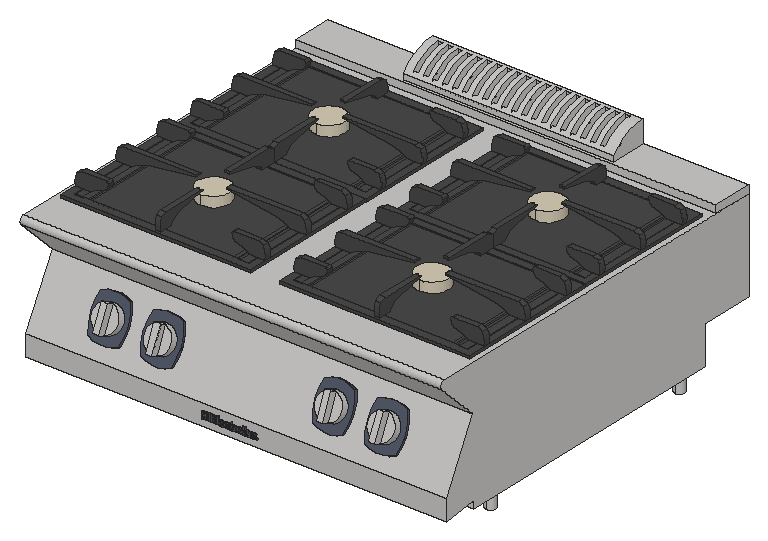
Revit family "QF_ELECTROLUXPROFESSIONAL_371167_E7GCGH4C0A", category Specialty Equipment, Revit 2018
Family settings
  Round Connector Dimension = Use Diameter
  Part Type = Normal
  Work Plane-Based = No
  Always vertical = Yes
  Cut with Voids When Loaded = No
  Shared = No
  Room Calculation Point = No
Parameters (values of type "Standard")
  Weight = 38.00 kg
  Watts = 0 W
  Volts = 0 V
  URL Manufacturer = "http://professional.electrolux.com"
  URL = "http://professional.electrolux.com"
  Steam Supply Size = 0"
  Steam Supply Minimum Pressure = 0.00 psi
  Steam Supply Maximum Pressure = 0.00 psi
  Steam Pounds per Hour = 0
  Show Logo [instance] = yes
  Show Clearance [instance] = yes
  Refrigeration Suction Line Size = 0 mm
  Refrigeration Liquid Line Size = 0 mm
  Refrigerant Compressor Remote = yes
  Phase = 0
  Model = "E7GCGH4C0A"
  Manufacturer = "Electrolux Professional"
  Length Actual = 800 mm  # constant formula
  Item Number = "371167"
  Hot Water Size = 0"
  Height Actual = 250 mm  # constant formula
  HP = "0 HP"
  Gas Size = 1/2"
  Gas KW = 22
  Gas Input Pressure = 0.738606 Btu/h
  Direct Waste Size = 0"
  Description = "4-BURNER GAS BOILING TOP 800 MM (AGA)"
  Depth Actual = 730 mm  # constant formula
  Cycle = 0 Hz
  Condensate Return Size = 0"
  Compressed Air Volume = 0 GPM
  Compressed Air Size = 0"
  Compressed Air Pressure = 0.00 psi
  Cold Water Size = 0"
  Assembly Code = ""
  Accessory = yes
Reference planes
  plane 1 "BACK": y = 0
  plane 2: z = 0
  plane 3 "LEFT": x = 0
  plane 4 "RIGHT": x = 800
  plane 5 "FRONT": y = -730
  plane 6 "TOP": z = 303.188
  plane 7 "Center Y": x = 400
  plane 8 "Center X": y = -365
  plane 9 "Base Height": z = 23.813
  plane 10: z = 274.613
  plane 11: z = 331.787
Forms (mm)
  Extrusion 1, solid, material "QF_Finishes_Stainless Steel"
    sketch origin (0, 0, 0) x (0, 1, 0) y (0, 0, 1)
      loop
        line (0, 98.425) -> (0, 274.612) -> (-721.5, 274.612)
        arc (-721.5, 274.612) -> (-729.472, 269.285) -> (-727.602, 259.881) r 8.63
        line (-727.602, 259.881) -> (-654.039, 186.318) -> (-715.962, 68.584) -> (-715.962, 30.162) -> (-655.839, 38.612)
        arc (-655.839, 38.612) -> (-653.314, 37.864) -> (-652.222, 35.468) r 3.175
        line (-652.222, 35.468) -> (-652.222, 23.813) -> (-103.188, 23.813) -> (-103.188, 98.425) -> (0, 98.425)
    from 0 to 800
  Extrusion 2, solid, material "QF_Finishes_Stainless Steel"
    sketch origin (0, 0, 0) x (0, 1, 0) y (0, 0, 1)
      loop
        line (0, 274.612) -> (0, 288.9) -> (-76.2, 288.9) -> (-76.2, 274.612) -> (0, 274.612)
    from 0 to 800
  Extrusion 3, solid, material "QF_Finishes_Stainless Steel"
    sketch origin (0, 0, 0) x (1, 0, 0) y (0, 1, 0)
      loop
        circle (11.112, -149.225) r 9.525
      loop
        circle (788.888, -149.225) r 9.525
      loop
        circle (11.112, -598.488) r 9.525
      loop
        circle (788.888, -598.488) r 9.525
    from 0 to 23.812
  Extrusion 4, solid, material "QF_Finishes_Stainless Steel"
    sketch origin (0, -103.188, 23.813) x (0, 0, 1) y (1, 0, 0)
      loop
        circle (36.513, 400) r 6.35
    from 0 to 26.988
  Extrusion 5, solid, material "QF_Finishes_Navy Blue", visible <- "Show Logo"
    sketch origin (47.249, -715.962, 35.665) x (0, 0, 1) y (-1, 0, 0)
      loop
        line (20.674, -296.698) -> (8.307, -296.698)
        arc (8.307, -296.698) -> (14.491, -301.27) -> (20.674, -296.698) r 6.467
      loop
        arc (20.674, -296.069) -> (19.505, -290.926) -> (14.849, -288.448) r 6.338
        line (14.849, -288.448) -> (14.849, -290.494)
        arc (14.849, -290.494) -> (16.333, -294.149) -> (19.778, -296.069) r 5.941
        line (19.778, -296.069) -> (20.674, -296.069)
      loop
        arc (9.203, -296.069) -> (12.648, -294.149) -> (14.132, -290.494) r 5.941
        line (14.132, -290.494) -> (14.132, -288.448)
        arc (14.132, -288.448) -> (9.438, -290.922) -> (8.148, -296.069) r 6.504
        line (8.148, -296.069) -> (9.203, -296.069)
      loop
        line (21.349, -287.979) -> (7.604, -287.979) -> (7.604, -301.742) -> (21.349, -301.742) -> (21.349, -287.979)
      loop
        arc (21.432, -304.71) -> (21.085, -304.352) -> (20.718, -304.69) r 0.358
        arc (20.718, -304.69) -> (20.404, -305.44) -> (19.687, -305.825) r 1.216
        line (19.687, -305.825) -> (9.274, -305.825)
        arc (9.274, -305.825) -> (8.614, -305.548) -> (8.218, -304.951) r 1.238
        arc (8.218, -304.951) -> (7.823, -304.7) -> (7.518, -305.054) r 0.358
        line (7.518, -305.054) -> (7.518, -314.933) -> (10.269, -314.933) -> (10.269, -314.036)
        arc (10.269, -314.036) -> (9.36, -313.456) -> (8.904, -312.479) r 1.928
        line (8.904, -312.479) -> (8.904, -309.98)
        arc (8.904, -309.98) -> (9.18, -309.251) -> (9.868, -308.887) r 1.101
        line (9.868, -308.887) -> (13.955, -308.887) -> (13.955, -312.561)
        arc (13.955, -312.561) -> (13.602, -313.058) -> (13.037, -313.286) r 1.083
        arc (13.037, -313.286) -> (12.773, -313.591) -> (13.065, -313.869) r 0.292
        line (13.065, -313.869) -> (16.028, -313.869)
        arc (16.028, -313.869) -> (16.33, -313.596) -> (16.092, -313.266) r 0.305
        arc (16.092, -313.266) -> (15.601, -313.018) -> (15.296, -312.561) r 1.083
        line (15.296, -312.561) -> (15.296, -308.887) -> (19.973, -308.887) -> (19.973, -312.635)
        arc (19.973, -312.635) -> (19.759, -313.39) -> (19.153, -313.888) r 1.314
        arc (19.153, -313.888) -> (18.934, -314.292) -> (19.288, -314.585) r 0.361
        line (19.288, -314.585) -> (21.432, -314.585) -> (21.432, -304.71)
      loop
        arc (20.715, -315.365) -> (20.335, -316.284) -> (19.416, -316.664) r 1.299
        line (19.416, -316.664) -> (9.837, -316.664)
        arc (9.837, -316.664) -> (8.999, -316.286) -> (8.728, -315.408) r 1.118
        line (8.728, -315.408) -> (7.518, -315.408) -> (7.518, -320.758) -> (8.706, -320.758)
        arc (8.706, -320.758) -> (8.978, -319.841) -> (9.848, -319.445) r 1.153
        line (9.848, -319.445) -> (21.92, -319.445) -> (20.715, -315.365)
      loop
        line (12.483, -323.394) -> (12.483, -329.842) -> (13.282, -329.842)
        arc (13.282, -329.842) -> (15.862, -328.857) -> (17.131, -326.404) r 3.874
        line (17.131, -326.404) -> (17.131, -324.643)
        arc (17.131, -324.643) -> (15.944, -321.778) -> (13.08, -320.592) r 4.051
        line (13.08, -320.592) -> (11.072, -320.592)
        arc (11.072, -320.592) -> (8.253, -322.077) -> (7.202, -325.084) r 4.352
        arc (7.202, -325.084) -> (7.566, -327.547) -> (8.943, -329.621) r 5.713
        line (8.943, -329.621) -> (9.892, -329.621)
        arc (9.892, -329.621) -> (9.16, -328.052) -> (8.943, -326.334) r 5.579
        arc (8.943, -326.334) -> (9.737, -324.371) -> (11.616, -323.394) r 3.057
        line (11.616, -323.394) -> (12.483, -323.394)
      loop
        line (13.742, -323.394) -> (13.742, -326.977)
        arc (13.742, -326.977) -> (15.199, -327.024) -> (16.082, -325.864) r 1.59
        line (16.082, -325.864) -> (16.082, -325.034)
        arc (16.082, -325.034) -> (15.217, -323.779) -> (13.742, -323.394) r 2.184
      loop
        arc (16.533, -339.259) -> (17.022, -337.585) -> (17.179, -335.848) r 9.023
        line (17.179, -335.848) -> (17.179, -334.486)
        arc (17.179, -334.486) -> (16.02, -331.686) -> (13.22, -330.527) r 3.959
        line (13.22, -330.527) -> (10.62, -330.527)
        arc (10.62, -330.527) -> (8.338, -331.819) -> (7.221, -334.192) r 4.331
        line (7.221, -334.192) -> (7.221, -336.327)
        arc (7.221, -336.327) -> (7.729, -337.877) -> (8.651, -339.223) r 5.772
        arc (8.651, -339.223) -> (9.412, -339.274) -> (9.499, -338.515) r 0.553
        arc (9.499, -338.515) -> (9.111, -337.781) -> (8.977, -336.962) r 2.573
        line (8.977, -336.962) -> (8.977, -335.447)
        arc (8.977, -335.447) -> (9.983, -333.806) -> (11.798, -333.163) r 2.884
        line (11.798, -333.163) -> (13.077, -333.163)
        arc (13.077, -333.163) -> (14.898, -333.723) -> (15.824, -335.388) r 2.554
        line (15.824, -335.388) -> (15.824, -336.441)
        arc (15.824, -336.441) -> (15.493, -337.369) -> (14.836, -338.104) r 2.564
        arc (14.836, -338.104) -> (14.614, -338.821) -> (15.223, -339.259) r 0.643
        line (15.223, -339.259) -> (16.533, -339.259)
      loop
        line (15.515, -339.53) -> (15.515, -341.031) -> (9.467, -341.031)
        arc (9.467, -341.031) -> (7.879, -341.688) -> (7.221, -343.276) r 2.246
        line (7.221, -343.276) -> (7.221, -344.86)
        arc (7.221, -344.86) -> (7.535, -345.725) -> (8.035, -346.496) r 4.06
        arc (8.035, -346.496) -> (8.768, -346.629) -> (9.019, -345.928) r 0.576
        arc (9.019, -345.928) -> (8.913, -345.403) -> (8.977, -344.87) r 1.69
        arc (8.977, -344.87) -> (9.519, -344.082) -> (10.425, -343.779) r 1.506
        line (10.425, -343.779) -> (15.563, -343.779) -> (15.563, -346.176) -> (16.119, -346.733) -> (16.941, -346.733) -> (16.941, -343.873) -> (20.172, -343.873) -> (15.515, -339.53)
      loop
        line (7.438, -347.63) -> (7.438, -353.017) -> (8.548, -353.017)
        arc (8.548, -353.017) -> (8.942, -352.066) -> (9.893, -351.672) r 1.345
        line (9.893, -351.672) -> (13.509, -351.672)
        arc (13.509, -351.672) -> (14.274, -352.264) -> (14.564, -353.186) r 1.615
        line (14.564, -353.186) -> (14.564, -354.742) -> (17.119, -355.427) -> (17.119, -354.044) -> (15.177, -351.485) -> (17.057, -351.485) -> (16.773, -348.779)
        arc (16.773, -348.779) -> (16.333, -348.249) -> (15.674, -348.45) r 0.621
        arc (15.674, -348.45) -> (15.274, -348.792) -> (14.78, -348.975) r 1.501
        line (14.78, -348.975) -> (9.893, -348.975)
        arc (9.893, -348.975) -> (8.942, -348.581) -> (8.548, -347.63) r 1.345
        line (8.548, -347.63) -> (7.438, -347.63)
      loop
        line (13.54, -354.964) -> (10.848, -354.964)
        arc (10.848, -354.964) -> (8.403, -356.272) -> (7.269, -358.803) r 4.288
        arc (7.269, -358.803) -> (7.205, -360.183) -> (7.269, -361.563) r 15.022
        arc (7.269, -361.563) -> (8.403, -364.094) -> (10.848, -365.401) r 4.288
        line (10.848, -365.401) -> (13.54, -365.401)
        arc (13.54, -365.401) -> (15.986, -364.094) -> (17.119, -361.563) r 4.288
        arc (17.119, -361.563) -> (17.183, -360.183) -> (17.119, -358.803) r 15.022
        arc (17.119, -358.803) -> (15.986, -356.272) -> (13.54, -354.964) r 4.288
      loop
        line (13.745, -358.078) -> (10.643, -358.078)
        arc (10.643, -358.078) -> (8.486, -360.235) -> (10.643, -362.392) r 2.157
        line (10.643, -362.392) -> (13.745, -362.392)
        arc (13.745, -362.392) -> (15.902, -360.235) -> (13.745, -358.078) r 2.157
      loop
        arc (20.726, -365.26) -> (20.355, -366.154) -> (19.461, -366.524) r 1.264
        line (19.461, -366.524) -> (9.597, -366.524)
        arc (9.597, -366.524) -> (8.727, -366.127) -> (8.455, -365.211) r 1.153
        line (8.455, -365.211) -> (7.518, -365.211) -> (7.518, -370.319) -> (8.446, -370.319)
        arc (8.446, -370.319) -> (8.805, -369.547) -> (9.597, -369.232) r 1.153
        line (9.597, -369.232) -> (21.92, -369.232) -> (20.726, -365.26)
      loop
        arc (15.846, -369.857) -> (15.647, -370.921) -> (14.678, -371.403) r 1.215
        line (14.678, -371.403) -> (9.658, -371.403)
        arc (9.658, -371.403) -> (8.043, -372.051) -> (7.322, -373.634) r 2.338
        line (7.322, -373.634) -> (7.322, -375.148)
        arc (7.322, -375.148) -> (7.497, -376.152) -> (7.999, -377.038) r 2.979
        line (7.999, -377.038) -> (7.518, -378.835) -> (7.518, -380.524) -> (16.943, -380.524) -> (16.649, -376.32) -> (15.863, -376.32)
        arc (15.863, -376.32) -> (15.507, -377.156) -> (14.755, -377.665) r 1.605
        line (14.755, -377.665) -> (9.652, -377.665)
        arc (9.652, -377.665) -> (9.232, -376.728) -> (9.159, -375.704) r 2.94
        arc (9.159, -375.704) -> (9.72, -374.603) -> (10.873, -374.16) r 1.724
        line (10.873, -374.16) -> (17.07, -374.16) -> (15.846, -369.857)
      loop
        line (16.874, -381.377) -> (15.202, -383.423) -> (12.028, -385.729) -> (8.572, -382.617)
        arc (8.572, -382.617) -> (8.335, -382.223) -> (8.357, -381.764) r 0.789
        line (8.357, -381.764) -> (7.518, -381.764) -> (7.518, -385.309) -> (8.344, -385.309)
        arc (8.344, -385.309) -> (8.686, -384.947) -> (9.176, -385.039) r 0.52
        line (9.176, -385.039) -> (10.976, -386.51) -> (8.858, -387.886)
        arc (8.858, -387.886) -> (8.457, -387.576) -> (8.37, -387.076) r 0.7
        line (8.37, -387.076) -> (7.518, -387.076) -> (7.518, -393.003) -> (8.405, -393.003)
        arc (8.405, -393.003) -> (8.472, -392.344) -> (8.866, -391.813) r 1.247
        line (8.866, -391.813) -> (13.066, -388.532) -> (15.513, -390.585) -> (16.874, -392.327) -> (16.874, -388.604) -> (15.389, -389.026) -> (13.868, -387.749) -> (15.568, -386.559) -> (16.874, -387.336) -> (16.874, -381.377)
    from 0 to 1.644
  Extrusion 6, solid, material "QF_Finishes_Clearance", visible <- "Show Clearance", detail levels coarse
    sketch origin (0, 0, 0) x (1, 0, 0) y (0, 1, 0)
      loop
        line (0, -730) -> (0, 0) -> (800, 0) -> (800, -730) -> (950, -730) -> (950, 150) -> (-150, 150) -> (-150, -730) -> (0, -730)
    from 0 to 331.787
  Extrusion 7, solid, material "QF_Finishes_Navy Blue"
    sketch origin (-402.256, -713.772, 69.003) x (0, 0.418102, 0.9084) y (-1, 0, 0)
      loop
        arc (102.623, -510.47) -> (67.041, -502.846) -> (31.333, -509.853) r 90.5
        arc (31.333, -509.853) -> (24.507, -539.04) -> (31.333, -568.228) r 65.817
        arc (31.333, -568.228) -> (67.04, -575.188) -> (102.623, -567.615) r 91.066
        arc (102.623, -567.615) -> (109.179, -539.043) -> (102.623, -510.47) r 65.546
    from 0 to 3.175
  Extrusion 8, solid, material "QF_Finishes_Stainless Steel"
    sketch origin (-23.506, -717.485, 68.529) x (0, 0.418102, 0.9084) y (-1, 0, 0)
      loop
        circle (68.826, -160.963) r 25.4
    from 0 to 12.7
  Extrusion 9, solid, material "QF_Finishes_Stainless Steel"
    sketch origin (-23.506, -729.022, 73.839) x (0, 0.418102, 0.9084) y (-1, 0, 0)
      loop
        arc (93.558, -166.749) -> (94.226, -160.963) -> (93.558, -155.177) r 25.4
        line (93.558, -155.177) -> (44.094, -155.177)
        arc (44.094, -155.177) -> (43.426, -160.963) -> (44.094, -166.749) r 25.4
        line (44.094, -166.749) -> (93.558, -166.749)
    from 0 to 12.7
  Extrusion 10, solid, material "QF_Finishes_Navy Blue"
    sketch origin (-302.256, -713.772, 69.003) x (0, 0.418102, 0.9084) y (-1, 0, 0)
      loop
        arc (102.623, -510.47) -> (67.041, -502.846) -> (31.333, -509.853) r 90.5
        arc (31.333, -509.853) -> (24.507, -539.04) -> (31.333, -568.228) r 65.817
        arc (31.333, -568.228) -> (67.04, -575.188) -> (102.623, -567.615) r 91.066
        arc (102.623, -567.615) -> (109.179, -539.043) -> (102.623, -510.47) r 65.546
    from 0 to 3.175
  Extrusion 11, solid, material "QF_Finishes_Stainless Steel"
    sketch origin (76.494, -717.485, 68.529) x (0, 0.418102, 0.9084) y (-1, 0, 0)
      loop
        circle (68.826, -160.963) r 25.4
    from 0 to 12.7
  Extrusion 12, solid, material "QF_Finishes_Stainless Steel"
    sketch origin (76.494, -729.022, 73.839) x (0, 0.418102, 0.9084) y (-1, 0, 0)
      loop
        arc (93.558, -166.749) -> (94.226, -160.963) -> (93.558, -155.177) r 25.4
        line (93.558, -155.177) -> (44.094, -155.177)
        arc (44.094, -155.177) -> (43.426, -160.963) -> (44.094, -166.749) r 25.4
        line (44.094, -166.749) -> (93.558, -166.749)
    from 0 to 12.7
  Extrusion 13, void
    sketch origin (234.989, 0, 288.925) x (-1, 0, 0) y (0, -1, 0)
      loop
        line (-335.017, 6.761) -> (-335.017, 63.911) -> (-344.313, 63.911) -> (-344.313, 6.761) -> (-335.017, 6.761)
      loop
        line (-316.325, 6.761) -> (-316.325, 63.911) -> (-325.62, 63.911) -> (-325.62, 6.761) -> (-316.325, 6.761)
      loop
        line (-297.632, 6.761) -> (-297.632, 63.911) -> (-306.928, 63.911) -> (-306.928, 6.761) -> (-297.632, 6.761)
      loop
        line (-278.94, 6.761) -> (-278.94, 63.911) -> (-288.235, 63.911) -> (-288.235, 6.761) -> (-278.94, 6.761)
      loop
        line (-260.247, 6.761) -> (-260.247, 63.911) -> (-269.543, 63.911) -> (-269.543, 6.761) -> (-260.247, 6.761)
      loop
        line (-241.554, 6.761) -> (-241.554, 63.911) -> (-250.85, 63.911) -> (-250.85, 6.761) -> (-241.554, 6.761)
      loop
        line (-222.862, 6.761) -> (-222.862, 63.911) -> (-232.157, 63.911) -> (-232.157, 6.761) -> (-222.862, 6.761)
      loop
        line (-204.169, 6.761) -> (-204.169, 63.911) -> (-213.465, 63.911) -> (-213.465, 6.761) -> (-204.169, 6.761)
      loop
        line (-185.476, 6.761) -> (-185.476, 63.911) -> (-194.772, 63.911) -> (-194.772, 6.761) -> (-185.476, 6.761)
      loop
        line (-166.784, 6.761) -> (-166.784, 63.911) -> (-176.08, 63.911) -> (-176.08, 6.761) -> (-166.784, 6.761)
      loop
        line (-148.091, 6.761) -> (-148.091, 63.911) -> (-157.387, 63.911) -> (-157.387, 6.761) -> (-148.091, 6.761)
      loop
        line (-129.399, 6.761) -> (-129.399, 63.911) -> (-138.694, 63.911) -> (-138.694, 6.761) -> (-129.399, 6.761)
      loop
        line (-110.706, 6.761) -> (-110.706, 63.911) -> (-120.002, 63.911) -> (-120.002, 6.761) -> (-110.706, 6.761)
      loop
        line (-92.013, 6.761) -> (-92.013, 63.911) -> (-101.309, 63.911) -> (-101.309, 6.761) -> (-92.013, 6.761)
      loop
        line (-73.321, 6.761) -> (-73.321, 63.911) -> (-82.617, 63.911) -> (-82.617, 6.761) -> (-73.321, 6.761)
      loop
        line (-54.628, 6.761) -> (-54.628, 63.911) -> (-63.924, 63.911) -> (-63.924, 6.761) -> (-54.628, 6.761)
      loop
        line (-35.936, 6.761) -> (-35.936, 63.911) -> (-45.231, 63.911) -> (-45.231, 6.761) -> (-35.936, 6.761)
      loop
        line (-17.243, 6.761) -> (-17.243, 63.911) -> (-26.539, 63.911) -> (-26.539, 6.761) -> (-17.243, 6.761)
      loop
        line (1.45, 6.761) -> (1.45, 63.911) -> (-7.846, 63.911) -> (-7.846, 6.761) -> (1.45, 6.761)
      loop
        line (20.142, 6.761) -> (20.142, 63.911) -> (10.846, 63.911) -> (10.846, 6.761) -> (20.142, 6.761)
    from 9.525 to 45.348
  Extrusion 14, solid, material "QF_Finishes_Stainless Steel"
    sketch origin (200, 0, 14.288) x (0, 1, 0) y (0, 0, 1)
      loop
        line (0, 274.613) -> (0, 317.5)
        arc (0, 317.5) -> (-38.885, 309.109) -> (-69.85, 284.137) r 86.116
        line (-69.85, 284.137) -> (-69.85, 274.613) -> (0, 274.613)
    from 0 to 400
  Extrusion 15, solid, material "QF_Finishes_Navy Blue"
    sketch origin (1202.256, -713.772, 69.003) x (0, 0.418102, 0.9084) y (-1, 0, 0)
      loop
        arc (102.623, 510.47) -> (109.179, 539.043) -> (102.623, 567.615) r 65.546
        arc (102.623, 567.615) -> (67.04, 575.188) -> (31.333, 568.228) r 91.066
        arc (31.333, 568.228) -> (24.507, 539.04) -> (31.333, 509.853) r 65.817
        arc (31.333, 509.853) -> (67.041, 502.846) -> (102.623, 510.47) r 90.5
    from 0 to 3.175
  Extrusion 16, solid, material "QF_Finishes_Stainless Steel"
    sketch origin (1581.006, -717.485, 68.529) x (0, 0.418102, 0.9084) y (-1, 0, 0)
      loop
        circle (68.826, 918.463) r 25.4
    from 0 to 12.7
  Extrusion 17, solid, material "QF_Finishes_Stainless Steel"
    sketch origin (1581.006, -729.022, 73.839) x (0, 0.418102, 0.9084) y (-1, 0, 0)
      loop
        line (93.558, 924.249) -> (44.094, 924.249)
        arc (44.094, 924.249) -> (43.426, 918.463) -> (44.094, 912.677) r 25.4
        line (44.094, 912.677) -> (93.558, 912.677)
        arc (93.558, 912.677) -> (94.226, 918.463) -> (93.558, 924.249) r 25.4
    from 0 to 12.7
  Extrusion 18, solid, material "QF_Finishes_Navy Blue"
    sketch origin (1102.256, -713.772, 69.003) x (0, 0.418102, 0.9084) y (-1, 0, 0)
      loop
        arc (102.623, 510.47) -> (109.179, 539.043) -> (102.623, 567.615) r 65.546
        arc (102.623, 567.615) -> (67.04, 575.188) -> (31.333, 568.228) r 91.066
        arc (31.333, 568.228) -> (24.507, 539.04) -> (31.333, 509.853) r 65.817
        arc (31.333, 509.853) -> (67.041, 502.846) -> (102.623, 510.47) r 90.5
    from 0 to 3.175
  Extrusion 19, solid, material "QF_Finishes_Stainless Steel"
    sketch origin (1481.006, -717.485, 68.529) x (0, 0.418102, 0.9084) y (-1, 0, 0)
      loop
        circle (68.826, 918.463) r 25.4
    from 0 to 12.7
  Extrusion 20, solid, material "QF_Finishes_Stainless Steel"
    sketch origin (1481.006, -729.022, 73.839) x (0, 0.418102, 0.9084) y (-1, 0, 0)
      loop
        line (93.558, 924.249) -> (44.094, 924.249)
        arc (44.094, 924.249) -> (43.426, 918.463) -> (44.094, 912.677) r 25.4
        line (44.094, 912.677) -> (93.558, 912.677)
        arc (93.558, 912.677) -> (94.226, 918.463) -> (93.558, 924.249) r 25.4
    from 0 to 12.7
Cuts and joins
  Extrusion 13 cuts Extrusion 6
  Extrusion 13 cuts Extrusion 14
Lines and regions (mm)
  symbolic lines
    curve 1: line (0, -730.129, 0) -> (800, -730.129, 0)
    curve 2: line (0, 0, 0) -> (0, -730.129, 0)
    curve 3: line (800, 0, 0) -> (0, 0, 0)
    curve 4: line (800, -730.129, 0) -> (800, 0, 0)
    curve 5: line (0, -76.2, 0) -> (800, -76.2, 0)
    curve 6: line (0, -69.85, 0) -> (800, -69.85, 0)
    curve 7: line (0, -715.962, 0) -> (800, -715.963, 0)
    curve 11: line (214.847, -63.911, 0) -> (214.847, -6.761, 0)
    curve 12: line (214.847, -6.761, 0) -> (224.143, -6.761, 0)
    curve 13: line (224.143, -6.761, 0) -> (224.143, -63.911, 0)
    curve 14: line (224.143, -63.911, 0) -> (214.847, -63.911, 0)
    curve 15: line (233.539, -63.911, 0) -> (233.539, -6.761, 0)
    curve 16: line (233.539, -6.761, 0) -> (242.835, -6.761, 0)
    curve 17: line (242.835, -6.761, 0) -> (242.835, -63.911, 0)
    curve 18: line (242.835, -63.911, 0) -> (233.539, -63.911, 0)
    curve 19: line (252.232, -63.911, 0) -> (252.232, -6.761, 0)
    curve 20: line (252.232, -6.761, 0) -> (261.528, -6.761, 0)
    curve 21: line (261.528, -6.761, 0) -> (261.528, -63.911, 0)
    curve 22: line (261.528, -63.911, 0) -> (252.232, -63.911, 0)
    curve 23: line (270.925, -63.911, 0) -> (270.925, -6.761, 0)
    curve 24: line (270.925, -6.761, 0) -> (280.22, -6.761, 0)
    curve 25: line (280.22, -6.761, 0) -> (280.22, -63.911, 0)
    curve 26: line (280.22, -63.911, 0) -> (270.925, -63.911, 0)
    curve 27: line (289.617, -63.911, 0) -> (289.617, -6.761, 0)
    curve 28: line (289.617, -6.761, 0) -> (298.913, -6.761, 0)
    curve 29: line (298.913, -6.761, 0) -> (298.913, -63.911, 0)
    curve 30: line (298.913, -63.911, 0) -> (289.617, -63.911, 0)
    curve 31: line (308.31, -63.911, 0) -> (308.31, -6.761, 0)
    curve 32: line (308.31, -6.761, 0) -> (317.606, -6.761, 0)
    curve 33: line (317.606, -6.761, 0) -> (317.606, -63.911, 0)
    curve 34: line (317.606, -63.911, 0) -> (308.31, -63.911, 0)
    curve 35: line (327.002, -63.911, 0) -> (327.002, -6.761, 0)
    curve 36: line (327.002, -6.761, 0) -> (336.298, -6.761, 0)
    curve 37: line (336.298, -6.761, 0) -> (336.298, -63.911, 0)
    curve 38: line (336.298, -63.911, 0) -> (327.002, -63.911, 0)
    curve 39: line (345.695, -63.911, 0) -> (345.695, -6.761, 0)
    curve 40: line (345.695, -6.761, 0) -> (354.991, -6.761, 0)
    curve 41: line (354.991, -6.761, 0) -> (354.991, -63.911, 0)
    curve 42: line (354.991, -63.911, 0) -> (345.695, -63.911, 0)
    curve 43: line (364.388, -63.911, 0) -> (364.388, -6.761, 0)
    curve 44: line (364.388, -6.761, 0) -> (373.683, -6.761, 0)
    curve 45: line (373.683, -6.761, 0) -> (373.683, -63.911, 0)
    curve 46: line (373.683, -63.911, 0) -> (364.388, -63.911, 0)
    curve 47: line (383.08, -63.911, 0) -> (383.08, -6.761, 0)
    curve 48: line (383.08, -6.761, 0) -> (392.376, -6.761, 0)
    curve 49: line (392.376, -6.761, 0) -> (392.376, -63.911, 0)
    curve 50: line (392.376, -63.911, 0) -> (383.08, -63.911, 0)
    curve 51: line (401.773, -63.911, 0) -> (401.773, -6.761, 0)
    curve 52: line (401.773, -6.761, 0) -> (411.069, -6.761, 0)
    curve 53: line (411.069, -6.761, 0) -> (411.069, -63.911, 0)
    curve 54: line (411.069, -63.911, 0) -> (401.773, -63.911, 0)
    curve 55: line (420.466, -63.911, 0) -> (420.466, -6.761, 0)
    curve 56: line (420.466, -6.761, 0) -> (429.761, -6.761, 0)
    curve 57: line (429.761, -6.761, 0) -> (429.761, -63.911, 0)
    curve 58: line (429.761, -63.911, 0) -> (420.466, -63.911, 0)
    curve 59: line (439.158, -63.911, 0) -> (439.158, -6.761, 0)
    curve 60: line (439.158, -6.761, 0) -> (448.454, -6.761, 0)
    curve 61: line (448.454, -6.761, 0) -> (448.454, -63.911, 0)
    curve 62: line (448.454, -63.911, 0) -> (439.158, -63.911, 0)
    curve 63: line (570.006, -63.911, 0) -> (570.006, -6.761, 0)
    curve 64: line (570.006, -6.761, 0) -> (579.302, -6.761, 0)
    curve 65: line (579.302, -6.761, 0) -> (579.302, -63.911, 0)
    curve 66: line (579.302, -63.911, 0) -> (570.006, -63.911, 0)
    curve 67: line (551.314, -63.911, 0) -> (551.314, -6.761, 0)
    curve 68: line (551.314, -6.761, 0) -> (560.61, -6.761, 0)
    curve 69: line (560.61, -6.761, 0) -> (560.61, -63.911, 0)
    curve 70: line (560.61, -63.911, 0) -> (551.314, -63.911, 0)
    curve 71: line (532.621, -63.911, 0) -> (532.621, -6.761, 0)
    curve 72: line (532.621, -6.761, 0) -> (541.917, -6.761, 0)
    curve 73: line (541.917, -6.761, 0) -> (541.917, -63.911, 0)
    curve 74: line (541.917, -63.911, 0) -> (532.621, -63.911, 0)
    curve 75: line (513.929, -63.911, 0) -> (513.929, -6.761, 0)
    curve 76: line (513.929, -6.761, 0) -> (523.224, -6.761, 0)
    curve 77: line (523.224, -6.761, 0) -> (523.224, -63.911, 0)
    curve 78: line (523.224, -63.911, 0) -> (513.929, -63.911, 0)
    curve 79: line (495.236, -63.911, 0) -> (495.236, -6.761, 0)
    curve 80: line (495.236, -6.761, 0) -> (504.532, -6.761, 0)
    curve 81: line (504.532, -6.761, 0) -> (504.532, -63.911, 0)
    curve 82: line (504.532, -63.911, 0) -> (495.236, -63.911, 0)
    curve 83: line (476.543, -63.911, 0) -> (476.543, -6.761, 0)
    curve 84: line (476.543, -6.761, 0) -> (485.839, -6.761, 0)
    curve 85: line (485.839, -6.761, 0) -> (485.839, -63.911, 0)
    curve 86: line (485.839, -63.911, 0) -> (476.543, -63.911, 0)
    curve 87: line (457.851, -63.911, 0) -> (457.851, -6.761, 0)
    curve 88: line (457.851, -6.761, 0) -> (467.146, -6.761, 0)
    curve 89: line (467.146, -6.761, 0) -> (467.146, -63.911, 0)
    curve 90: line (467.146, -63.911, 0) -> (457.851, -63.911, 0)
  symbolic lines, style "QF-Clearances", visible <- "Show Clearance", detail levels coarse
    curve 8: line (-150, -730, 0) -> (-150, 150, 0)
    curve 9: line (-150, 150, 0) -> (950, 150, 0)
    curve 10: line (950, 150, 0) -> (950, -730, 0)
Dimensions and locks
  equal spacing: plane 3 "LEFT", plane 7 "Center Y", plane 4 "RIGHT"
  plane 3 "LEFT" to plane 4 "RIGHT" = 800 mm
  equal spacing: plane 5 "FRONT", plane 8 "Center X", plane 1 "BACK"
  plane 5 "FRONT" to plane 1 "BACK" = 730 mm
  plane 9 "Base Height" to level = 23.812 mm
  plane 10 to plane 9 "Base Height" = 250.8 mm
  plane 6 "TOP" to plane 10 = 28.575 mm
  plane 11 to level = 331.788 mm
  aligned and locked: level to plane 2
Automatic sketch dimensions
  plane 5 "FRONT" to curve 8 = 0 mm
  curve 2 to plane 3 "LEFT" = 0 mm
  curve 5 to plane 4 "RIGHT" = 0 mm
  plane 5 "FRONT" to curve 10 = 0 mm
  plane 1 "BACK" to curve 3 = 0 mm
  curve 8 to plane 3 "LEFT" = 150 mm
  plane 1 "BACK" to curve 14 = 63.911 mm
  curve 14 to plane 7 "Center Y" = 185.153 mm
  curve 11 to curve 12 = 9.296 mm
  curve 12 to curve 16 = 9.397 mm
  curve 15 to curve 17 = 9.296 mm
  curve 17 to curve 22 = 9.397 mm
  curve 19 to curve 21 = 9.296 mm
  curve 20 to curve 23 = 9.397 mm
  curve 23 to curve 25 = 9.296 mm
  curve 24 to curve 27 = 9.397 mm
  curve 27 to curve 30 = 9.296 mm
  curve 29 to curve 31 = 9.397 mm
  curve 31 to curve 33 = 9.296 mm
  curve 33 to curve 38 = 9.397 mm
  curve 35 to curve 38 = 9.296 mm
  curve 37 to curve 42 = 9.397 mm
  curve 39 to curve 41 = 9.296 mm
  curve 40 to curve 43 = 9.397 mm
  curve 43 to curve 45 = 9.296 mm
  curve 44 to curve 48 = 9.397 mm
  curve 49 to plane 7 "Center Y" = 7.624 mm
  plane 7 "Center Y" to curve 54 = 1.773 mm
  curve 51 to curve 53 = 9.296 mm
  curve 52 to curve 56 = 9.397 mm
  curve 55 to curve 57 = 9.296 mm
  curve 56 to curve 59 = 9.397 mm
  curve 59 to curve 60 = 9.296 mm
  curve 60 to curve 87 = 9.397 mm
  curve 87 to curve 88 = 9.296 mm
  curve 88 to curve 84 = 9.397 mm
  curve 83 to curve 85 = 9.296 mm
  curve 84 to curve 80 = 9.397 mm
  curve 79 to curve 82 = 9.296 mm
  curve 81 to curve 78 = 9.397 mm
  curve 75 to curve 77 = 9.296 mm
  curve 77 to curve 71 = 9.397 mm
  curve 71 to curve 73 = 9.296 mm
  curve 73 to curve 67 = 9.397 mm
  curve 67 to curve 68 = 9.296 mm
  curve 68 to curve 63 = 9.397 mm
  curve 63 to curve 66 = 9.296 mm
  plane 4 "RIGHT" to curve 10 = 150 mm
  plane 5 "FRONT" to curve 2 = 0.129 mm
  curve 7 to plane 5 "FRONT" = 14.038 mm
  plane 1 "BACK" to curve 5 = 76.2 mm
  curve 5 to curve 6 = 6.35 mm
  plane 1 "BACK" to curve 87 = 63.911 mm
  curve 89 to curve 86 = 0 mm
  curve 85 to curve 82 = 0 mm
  curve 81 to curve 78 = 0 mm
  curve 13 to curve 15 = 0 mm
  curve 77 to curve 74 = 0 mm
  curve 17 to curve 19 = 0 mm
  curve 73 to curve 70 = 0 mm
  curve 21 to curve 23 = 0 mm
  curve 69 to curve 66 = 0 mm
  curve 25 to curve 27 = 0 mm
  curve 62 to curve 87 = 0 mm
  curve 29 to curve 31 = 0 mm
  curve 58 to curve 59 = 0 mm
  curve 33 to curve 35 = 0 mm
  curve 54 to curve 55 = 0 mm
  curve 37 to curve 39 = 0 mm
  curve 50 to curve 51 = 0 mm
  curve 41 to curve 43 = 0 mm
  plane 1 "BACK" to curve 45 = 6.761 mm
  plane 1 "BACK" to curve 47 = 6.761 mm
  plane 1 "BACK" to curve 41 = 6.761 mm
  plane 1 "BACK" to curve 51 = 6.761 mm
  plane 1 "BACK" to curve 37 = 6.761 mm
  plane 1 "BACK" to curve 55 = 6.761 mm
  plane 1 "BACK" to curve 33 = 6.761 mm
  plane 1 "BACK" to curve 59 = 6.761 mm
  plane 1 "BACK" to curve 29 = 6.761 mm
  plane 1 "BACK" to curve 63 = 6.761 mm
  plane 1 "BACK" to curve 25 = 6.761 mm
  plane 1 "BACK" to curve 67 = 6.761 mm
  plane 1 "BACK" to curve 21 = 6.761 mm
  plane 1 "BACK" to curve 71 = 6.761 mm
  plane 1 "BACK" to curve 17 = 6.761 mm
  plane 1 "BACK" to curve 75 = 6.761 mm
  plane 1 "BACK" to curve 13 = 6.761 mm
  plane 1 "BACK" to curve 79 = 6.761 mm
  plane 1 "BACK" to curve 89 = 6.761 mm
  plane 1 "BACK" to curve 83 = 6.761 mm
  curve 9 to plane 1 "BACK" = 150 mm
  Extrusion 1 sketch curve to plane 10 = 0 mm
  Extrusion 1 sketch curve to plane 9 "Base Height" = 0 mm
  Extrusion 1 sketch curve to plane 1 "BACK" = 0 mm
  Extrusion 1 sketch curve to Extrusion 1 sketch curve = 103.188 mm
  plane 9 "Base Height" to Extrusion 1 sketch curve = 11.656 mm
  Extrusion 1 sketch curve to plane 5 "FRONT" = 77.778 mm
  Extrusion 1 sketch curve to plane 5 "FRONT" = 75.961 mm
  Extrusion 1 sketch curve to Extrusion 1 sketch curve = 3.175 mm
  plane 9 "Base Height" to Extrusion 1 sketch curve = 14.8 mm
  plane 9 "Base Height" to Extrusion 1 sketch curve = 6.35 mm
  Extrusion 1 sketch curve to plane 5 "FRONT" = 14.038 mm
  Extrusion 1 sketch curve to plane 5 "FRONT" = 8.5 mm
  Extrusion 1 sketch curve to plane 5 "FRONT" = 2.398 mm
  Extrusion 1 sketch curve to Extrusion 1 sketch curve = 38.422 mm
  plane 9 "Base Height" to Extrusion 1 sketch curve = 74.612 mm
  Extrusion 1 sketch curve to plane 10 = 88.295 mm
  Extrusion 1 sketch curve to plane 10 = 14.732 mm
  Extrusion 2 sketch curve to plane 10 = 0 mm
  Extrusion 2 sketch curve to plane 1 "BACK" = 0 mm
  Extrusion 2 sketch curve to plane 6 "TOP" = 14.287 mm
  plane 1 "BACK" to Extrusion 2 sketch curve = 76.2 mm
  Extrusion 3 sketch curve to Extrusion 3 sketch curve = 0 mm  (x8)
  plane 3 "LEFT" to Extrusion 3 sketch curve = 11.112 mm  (x2)
  Extrusion 3 sketch curve to plane 4 "RIGHT" = 11.112 mm  (x2)
  Extrusion 3 sketch curve to plane 5 "FRONT" = 121.987 mm  (x2)
  Extrusion 3 sketch curve to Extrusion 3 sketch curve = 9.525 mm  (x4)
  plane 1 "BACK" to Extrusion 3 sketch curve = 158.75 mm  (x2)
  Extrusion 1 to Extrusion 4 sketch curve = 36.513 mm
  Extrusion 1 to Extrusion 4 sketch curve = 400 mm
  plane 7 "Center Y" to Extrusion 5 sketch curve = 7.432 mm
  plane 9 "Base Height" to Extrusion 5 sketch curve = 14.013 mm
  plane 9 "Base Height" to Extrusion 5 sketch curve = 19.054 mm
  Extrusion 5 sketch curve to plane 7 "Center Y" = 7.891 mm
  Extrusion 5 sketch curve to Extrusion 5 sketch curve = 5.06 mm
  Extrusion 5 sketch curve to Extrusion 5 sketch curve = 0 mm  (x28)
  Extrusion 5 sketch curve to Extrusion 5 sketch curve = 5.108 mm  (x2)
  Extrusion 5 sketch curve to Extrusion 5 sketch curve = 0.054 mm
  Extrusion 5 sketch curve to Extrusion 5 sketch curve = 0.218 mm
  Extrusion 5 sketch curve to Extrusion 5 sketch curve = 0.195 mm
  Extrusion 5 sketch curve to Extrusion 5 sketch curve = 0.249 mm
  plane 9 "Base Height" to Extrusion 5 sketch curve = 19.371 mm
  Extrusion 5 sketch curve to Extrusion 5 sketch curve = 0.087 mm
  Extrusion 5 sketch curve to Extrusion 5 sketch curve = 0.358 mm
  Extrusion 5 sketch curve to Extrusion 5 sketch curve = 0.481 mm
  Extrusion 5 sketch curve to Extrusion 5 sketch curve = 0.597 mm
  Extrusion 5 sketch curve to Extrusion 5 sketch curve = 0.544 mm
  Extrusion 5 sketch curve to Extrusion 5 sketch curve = 0.936 mm
  Extrusion 5 sketch curve to Extrusion 5 sketch curve = 0.594 mm
  Extrusion 5 sketch curve to Extrusion 5 sketch curve = 0.343 mm
  Extrusion 5 sketch curve to Extrusion 5 sketch curve = 0.159 mm
  Extrusion 5 sketch curve to Extrusion 5 sketch curve = 0.826 mm
  Extrusion 5 sketch curve to Extrusion 5 sketch curve = 0.839 mm
  Extrusion 5 sketch curve to Extrusion 5 sketch curve = 0.852 mm
  Extrusion 5 sketch curve to Extrusion 5 sketch curve = 0.887 mm
  Extrusion 5 sketch curve to Extrusion 5 sketch curve = 0.928 mm
  Extrusion 5 sketch curve to Extrusion 5 sketch curve = 0.938 mm
  Extrusion 5 sketch curve to Extrusion 5 sketch curve = 0.444 mm
  Extrusion 5 sketch curve to Extrusion 5 sketch curve = 1.11 mm  (x3)
  plane 7 "Center Y" to Extrusion 5 sketch curve = 0.266 mm
  Extrusion 5 sketch curve to Extrusion 5 sketch curve = 0.215 mm
  Extrusion 5 sketch curve to Extrusion 5 sketch curve = 1.43 mm
  Extrusion 5 sketch curve to Extrusion 5 sketch curve = 1.188 mm
  Extrusion 5 sketch curve to Extrusion 5 sketch curve = 1.21 mm  (x2)
  Extrusion 5 sketch curve to Extrusion 5 sketch curve = 0.503 mm
  Extrusion 5 sketch curve to Extrusion 5 sketch curve = 0.488 mm
  Extrusion 5 sketch curve to Extrusion 5 sketch curve = 0.462 mm
  Extrusion 5 sketch curve to Extrusion 5 sketch curve = 1.386 mm
  Extrusion 5 sketch curve to Extrusion 5 sketch curve = 1.742 mm  (x2)
  Extrusion 5 sketch curve to Extrusion 5 sketch curve = 0.821 mm
  Extrusion 5 sketch curve to Extrusion 5 sketch curve = 0.497 mm
  Extrusion 5 sketch curve to Extrusion 5 sketch curve = 0.539 mm
  Extrusion 5 sketch curve to Extrusion 5 sketch curve = 0.686 mm
  Extrusion 5 sketch curve to Extrusion 5 sketch curve = 0.408 mm
  Extrusion 5 sketch curve to Extrusion 5 sketch curve = 0.743 mm
  Extrusion 5 sketch curve to Extrusion 5 sketch curve = 1.16 mm
  Extrusion 5 sketch curve to Extrusion 5 sketch curve = 0.329 mm
  Extrusion 5 sketch curve to Extrusion 5 sketch curve = 1.054 mm
  Extrusion 5 sketch curve to Extrusion 5 sketch curve = 1.056 mm
  Extrusion 5 sketch curve to Extrusion 5 sketch curve = 0.129 mm
  Extrusion 5 sketch curve to Extrusion 5 sketch curve = 0.489 mm
  Extrusion 5 sketch curve to Extrusion 5 sketch curve = 0.441 mm
  Extrusion 5 sketch curve to Extrusion 5 sketch curve = 1.151 mm
  Extrusion 5 sketch curve to Extrusion 5 sketch curve = 1.141 mm  (x2)
  Extrusion 5 sketch curve to Extrusion 5 sketch curve = 0.768 mm
  Extrusion 5 sketch curve to Extrusion 5 sketch curve = 1.653 mm
  Extrusion 5 sketch curve to Extrusion 5 sketch curve = 0.499 mm
  Extrusion 5 sketch curve to Extrusion 5 sketch curve = 0.964 mm
  Extrusion 5 sketch curve to Extrusion 5 sketch curve = 0.949 mm
  Extrusion 5 sketch curve to Extrusion 5 sketch curve = 1.345 mm  (x2)
  Extrusion 5 sketch curve to Extrusion 5 sketch curve = 1.101 mm
  Extrusion 5 sketch curve to Extrusion 5 sketch curve = 0.432 mm
  Extrusion 5 sketch curve to Extrusion 5 sketch curve = 1.142 mm
  Extrusion 5 sketch curve to Extrusion 5 sketch curve = 0.959 mm
  Extrusion 5 sketch curve to Extrusion 5 sketch curve = 0.176 mm
  Extrusion 5 sketch curve to Extrusion 5 sketch curve = 0.728 mm
  Extrusion 5 sketch curve to Extrusion 5 sketch curve = 3.375 mm  (x2)
  Extrusion 5 sketch curve to Extrusion 5 sketch curve = 0.541 mm
  Extrusion 5 sketch curve to Extrusion 5 sketch curve = 0.955 mm
  Extrusion 5 sketch curve to Extrusion 5 sketch curve = 1.251 mm
  Extrusion 5 sketch curve to Extrusion 5 sketch curve = 0.572 mm
  Extrusion 5 sketch curve to Extrusion 5 sketch curve = 1.92 mm
  Extrusion 5 sketch curve to Extrusion 5 sketch curve = 1.224 mm
  Extrusion 5 sketch curve to Extrusion 5 sketch curve = 0.745 mm
  Extrusion 5 sketch curve to Extrusion 5 sketch curve = 2.537 mm
  Extrusion 5 sketch curve to Extrusion 5 sketch curve = 0.896 mm  (x3)
  Extrusion 5 sketch curve to Extrusion 5 sketch curve = 0.036 mm
  Extrusion 5 sketch curve to Extrusion 5 sketch curve = 2.607 mm
  Extrusion 5 sketch curve to Extrusion 5 sketch curve = 0.066 mm
  Extrusion 5 sketch curve to Extrusion 5 sketch curve = 0.248 mm
  Extrusion 5 sketch curve to Extrusion 5 sketch curve = 0.449 mm
  Extrusion 5 sketch curve to Extrusion 5 sketch curve = 1.052 mm
  Extrusion 5 sketch curve to Extrusion 5 sketch curve = 1.863 mm
  Extrusion 5 sketch curve to Extrusion 5 sketch curve = 1.31 mm  (x2)
  Extrusion 5 sketch curve to Extrusion 5 sketch curve = 0.901 mm
  Extrusion 5 sketch curve to Extrusion 5 sketch curve = 1.107 mm
  Extrusion 5 sketch curve to Extrusion 5 sketch curve = 2.122 mm
  plane 7 "Center Y" to Extrusion 5 sketch curve = 0.435 mm
  Extrusion 5 sketch curve to Extrusion 5 sketch curve = 2.101 mm
  Extrusion 5 sketch curve to Extrusion 5 sketch curve = 0.106 mm
  Extrusion 5 sketch curve to Extrusion 5 sketch curve = 0.029 mm
  Extrusion 5 sketch curve to Extrusion 5 sketch curve = 2.09 mm
  Extrusion 5 sketch curve to Extrusion 5 sketch curve = 1.279 mm
  Extrusion 5 sketch curve to Extrusion 5 sketch curve = 2.008 mm
  Extrusion 5 sketch curve to Extrusion 5 sketch curve = 0.738 mm
  Extrusion 5 sketch curve to Extrusion 5 sketch curve = 0.382 mm
  Extrusion 5 sketch curve to Extrusion 5 sketch curve = 0.384 mm
  Extrusion 5 sketch curve to Extrusion 5 sketch curve = 0.002 mm
  Extrusion 5 sketch curve to Extrusion 5 sketch curve = 0.561 mm
  Extrusion 5 sketch curve to Extrusion 5 sketch curve = 1.023 mm
  Extrusion 5 sketch curve to Extrusion 5 sketch curve = 2.692 mm
  Extrusion 5 sketch curve to Extrusion 5 sketch curve = 1.259 mm
  Extrusion 5 sketch curve to Extrusion 5 sketch curve = 0.802 mm
  Extrusion 5 sketch curve to Extrusion 5 sketch curve = 1.024 mm  (x2)
  Extrusion 5 sketch curve to Extrusion 5 sketch curve = 0.682 mm
  Extrusion 5 sketch curve to Extrusion 5 sketch curve = 5.934 mm
  Extrusion 5 sketch curve to Extrusion 5 sketch curve = 2.186 mm
  Extrusion 5 sketch curve to Extrusion 5 sketch curve = 0.337 mm
  Extrusion 5 sketch curve to Extrusion 5 sketch curve = 0.021 mm
  Extrusion 5 sketch curve to Extrusion 5 sketch curve = 1.005 mm
  Extrusion 5 sketch curve to Extrusion 5 sketch curve = 0.552 mm
  Extrusion 5 sketch curve to Extrusion 5 sketch curve = 0.778 mm
  Extrusion 5 sketch curve to Extrusion 5 sketch curve = 0.063 mm
  Extrusion 5 sketch curve to Extrusion 5 sketch curve = 3.804 mm
  Extrusion 5 sketch curve to Extrusion 5 sketch curve = 0.486 mm
  Extrusion 5 sketch curve to Extrusion 5 sketch curve = 0.266 mm  (x2)
  Extrusion 5 sketch curve to Extrusion 5 sketch curve = 1.547 mm
  Extrusion 5 sketch curve to Extrusion 5 sketch curve = 0.717 mm  (x2)
  Extrusion 5 sketch curve to Extrusion 5 sketch curve = 1.667 mm
  Extrusion 5 sketch curve to Extrusion 5 sketch curve = 3.174 mm
  Extrusion 5 sketch curve to Extrusion 5 sketch curve = 0.388 mm
  Extrusion 5 sketch curve to Extrusion 5 sketch curve = 1.342 mm
  Extrusion 5 sketch curve to Extrusion 5 sketch curve = 1.521 mm
  Extrusion 5 sketch curve to Extrusion 5 sketch curve = 0.124 mm
  Extrusion 5 sketch curve to Extrusion 5 sketch curve = 0.291 mm
  Extrusion 5 sketch curve to plane 7 "Center Y" = 6.575 mm
  Extrusion 5 sketch curve to Extrusion 5 sketch curve = 1.049 mm  (x2)
  Extrusion 5 sketch curve to Extrusion 5 sketch curve = 1.7 mm
  Extrusion 5 sketch curve to Extrusion 5 sketch curve = 0.894 mm
  Extrusion 5 sketch curve to Extrusion 5 sketch curve = 0.989 mm
  Extrusion 5 sketch curve to Extrusion 5 sketch curve = 1.168 mm
  Extrusion 5 sketch curve to Extrusion 5 sketch curve = 1.594 mm
  Extrusion 5 sketch curve to Extrusion 5 sketch curve = 0.731 mm
  Extrusion 5 sketch curve to Extrusion 5 sketch curve = 1.566 mm
  Extrusion 5 sketch curve to Extrusion 5 sketch curve = 0.064 mm
  Extrusion 5 sketch curve to plane 7 "Center Y" = 6.019 mm
  Extrusion 5 sketch curve to Extrusion 5 sketch curve = 0.556 mm  (x2)
  Extrusion 5 sketch curve to Extrusion 5 sketch curve = 0.48 mm
  Extrusion 5 sketch curve to Extrusion 5 sketch curve = 1.018 mm
  Extrusion 5 sketch curve to Extrusion 5 sketch curve = 0.787 mm
  Extrusion 5 sketch curve to Extrusion 5 sketch curve = 0.618 mm
  Extrusion 5 sketch curve to Extrusion 5 sketch curve = 1.672 mm
  Extrusion 5 sketch curve to Extrusion 5 sketch curve = 1.361 mm
  Extrusion 5 sketch curve to Extrusion 5 sketch curve = 0.822 mm
  Extrusion 5 sketch curve to Extrusion 5 sketch curve = 0.069 mm
  Extrusion 5 sketch curve to Extrusion 5 sketch curve = 1.88 mm
  Extrusion 5 sketch curve to Extrusion 5 sketch curve = 0.42 mm
  Extrusion 5 sketch curve to Extrusion 5 sketch curve = 0.062 mm
  Extrusion 5 sketch curve to Extrusion 5 sketch curve = 1.355 mm
  Extrusion 5 sketch curve to Extrusion 5 sketch curve = 2.34 mm
  Extrusion 5 sketch curve to Extrusion 5 sketch curve = 0.493 mm
  Extrusion 5 sketch curve to Extrusion 5 sketch curve = 0.136 mm
  Extrusion 5 sketch curve to Extrusion 5 sketch curve = 0.128 mm
  Extrusion 5 sketch curve to Extrusion 5 sketch curve = 3.616 mm
  Extrusion 5 sketch curve to Extrusion 5 sketch curve = 4.207 mm
  Extrusion 5 sketch curve to Extrusion 5 sketch curve = 0.183 mm
  Extrusion 5 sketch curve to Extrusion 5 sketch curve = 0.895 mm
  Extrusion 5 sketch curve to Extrusion 5 sketch curve = 1.314 mm
  Extrusion 5 sketch curve to Extrusion 5 sketch curve = 3.231 mm
  Extrusion 5 sketch curve to Extrusion 5 sketch curve = 1.299 mm
  Extrusion 5 sketch curve to Extrusion 5 sketch curve = 1.214 mm
  plane 7 "Center Y" to Extrusion 5 sketch curve = 12.508 mm
  Extrusion 5 sketch curve to Extrusion 5 sketch curve = 1.264 mm
  Extrusion 5 sketch curve to Extrusion 5 sketch curve = 0.109 mm
  Extrusion 5 sketch curve to Extrusion 5 sketch curve = 0.357 mm
  Extrusion 5 sketch curve to Extrusion 5 sketch curve = 0.565 mm
  Extrusion 5 sketch curve to Extrusion 5 sketch curve = 2.504 mm
  Extrusion 5 sketch curve to Extrusion 5 sketch curve = 2.459 mm
  Extrusion 5 sketch curve to Extrusion 5 sketch curve = 2.708 mm
  Extrusion 5 sketch curve to Extrusion 5 sketch curve = 3.333 mm
  Extrusion 5 sketch curve to Extrusion 5 sketch curve = 0.332 mm
  Extrusion 5 sketch curve to Extrusion 5 sketch curve = 1.087 mm
  Extrusion 5 sketch curve to Extrusion 5 sketch curve = 2.23 mm
  Extrusion 5 sketch curve to Extrusion 5 sketch curve = 2.757 mm
  Extrusion 5 sketch curve to Extrusion 5 sketch curve = 0.987 mm
  Extrusion 5 sketch curve to Extrusion 5 sketch curve = 1.529 mm
  Extrusion 5 sketch curve to Extrusion 5 sketch curve = 1.796 mm
  Extrusion 5 sketch curve to Extrusion 5 sketch curve = 2.859 mm
  Extrusion 5 sketch curve to Extrusion 5 sketch curve = 0.853 mm
  Extrusion 5 sketch curve to Extrusion 5 sketch curve = 1.241 mm
  Extrusion 5 sketch curve to Extrusion 5 sketch curve = 2.046 mm  (x2)
  Extrusion 5 sketch curve to Extrusion 5 sketch curve = 2.422 mm
  Extrusion 5 sketch curve to Extrusion 5 sketch curve = 0.27 mm  (x2)
  Extrusion 5 sketch curve to Extrusion 5 sketch curve = 0.69 mm
  Extrusion 5 sketch curve to Extrusion 5 sketch curve = 0.781 mm  (x2)
  Extrusion 5 sketch curve to Extrusion 5 sketch curve = 3.136 mm
  Extrusion 5 sketch curve to Extrusion 5 sketch curve = 1.767 mm
  Extrusion 5 sketch curve to Extrusion 5 sketch curve = 0.138 mm
  Extrusion 5 sketch curve to Extrusion 5 sketch curve = 0.777 mm
  Extrusion 5 sketch curve to Extrusion 5 sketch curve = 1.19 mm
  Extrusion 5 sketch curve to Extrusion 5 sketch curve = 0.782 mm
  Extrusion 5 sketch curve to Extrusion 5 sketch curve = 1.268 mm
  Extrusion 5 sketch curve to Extrusion 5 sketch curve = 0.422 mm  (x2)
  Extrusion 5 sketch curve to Extrusion 5 sketch curve = 1.559 mm
  Extrusion 5 sketch curve to Extrusion 5 sketch curve = 3.927 mm
  Extrusion 5 sketch curve to Extrusion 5 sketch curve = 0.983 mm
  Extrusion 5 sketch curve to Extrusion 5 sketch curve = 1.122 mm
  Extrusion 5 sketch curve to Extrusion 5 sketch curve = 1.153 mm
  Extrusion 5 sketch curve to Extrusion 5 sketch curve = 1.223 mm
  Extrusion 5 sketch curve to Extrusion 5 sketch curve = 0.934 mm
  plane 7 "Center Y" to Extrusion 5 sketch curve = 2.676 mm
  Extrusion 5 sketch curve to Extrusion 5 sketch curve = 0.222 mm
  plane 7 "Center Y" to Extrusion 5 sketch curve = 1.293 mm
  Extrusion 5 sketch curve to plane 7 "Center Y" = 1.266 mm
  Extrusion 5 sketch curve to Extrusion 5 sketch curve = 2.51 mm
  Extrusion 5 sketch curve to Extrusion 5 sketch curve = 0.131 mm
  Extrusion 5 sketch curve to Extrusion 5 sketch curve = 1.134 mm
  Extrusion 5 sketch curve to Extrusion 5 sketch curve = 0.094 mm
  Extrusion 5 sketch curve to Extrusion 5 sketch curve = 1.584 mm
  Extrusion 5 sketch curve to Extrusion 5 sketch curve = 1.501 mm
  Extrusion 5 sketch curve to Extrusion 5 sketch curve = 1.808 mm
  Extrusion 5 sketch curve to Extrusion 5 sketch curve = 0.643 mm
  Extrusion 5 sketch curve to Extrusion 5 sketch curve = 0.916 mm
  Extrusion 5 sketch curve to Extrusion 5 sketch curve = 0.352 mm
  Extrusion 5 sketch curve to Extrusion 5 sketch curve = 0.458 mm
  Extrusion 5 sketch curve to Extrusion 5 sketch curve = 1.282 mm
  Extrusion 5 sketch curve to Extrusion 5 sketch curve = 1.363 mm
  Extrusion 5 sketch curve to Extrusion 5 sketch curve = 0.685 mm
  Extrusion 5 sketch curve to Extrusion 5 sketch curve = 0.905 mm
  Extrusion 5 sketch curve to Extrusion 5 sketch curve = 2.865 mm
  Extrusion 5 sketch curve to Extrusion 5 sketch curve = 0.472 mm
  Extrusion 5 sketch curve to Extrusion 5 sketch curve = 0.101 mm
  Extrusion 5 sketch curve to Extrusion 5 sketch curve = 0.54 mm
  Extrusion 5 sketch curve to Extrusion 5 sketch curve = 0.02 mm
  Extrusion 5 sketch curve to Extrusion 5 sketch curve = 0.468 mm
  Extrusion 5 sketch curve to Extrusion 5 sketch curve = 0.829 mm
  Extrusion 5 sketch curve to Extrusion 5 sketch curve = 0.582 mm
  Extrusion 5 sketch curve to Extrusion 5 sketch curve = 0.166 mm
  Extrusion 5 sketch curve to Extrusion 5 sketch curve = 0.16 mm
  Extrusion 5 sketch curve to Extrusion 5 sketch curve = 2.781 mm
  Extrusion 5 sketch curve to Extrusion 5 sketch curve = 1.118 mm
  Extrusion 5 sketch curve to Extrusion 5 sketch curve = 0.613 mm
  Extrusion 5 sketch curve to Extrusion 5 sketch curve = 0.361 mm
  Extrusion 5 sketch curve to Extrusion 5 sketch curve = 0.897 mm
  Extrusion 5 sketch curve to Extrusion 5 sketch curve = 0.167 mm
  Extrusion 5 sketch curve to Extrusion 5 sketch curve = 0.292 mm
  Extrusion 5 sketch curve to Extrusion 5 sketch curve = 0.305 mm
  Extrusion 5 sketch curve to Extrusion 5 sketch curve = 1.557 mm
  Extrusion 5 sketch curve to Extrusion 5 sketch curve = 2.499 mm
  Extrusion 5 sketch curve to Extrusion 5 sketch curve = 3.062 mm
  Extrusion 5 sketch curve to Extrusion 5 sketch curve = 2.968 mm
  Extrusion 5 sketch curve to Extrusion 5 sketch curve = 5.044 mm
  Extrusion 5 sketch curve to Extrusion 5 sketch curve = 0.629 mm  (x2)
  Extrusion 5 sketch curve to Extrusion 5 sketch curve = 1.131 mm
  Extrusion 5 sketch curve to Extrusion 5 sketch curve = 0.137 mm
  Extrusion 5 sketch curve to Extrusion 5 sketch curve = 0.027 mm
  Extrusion 5 sketch curve to Extrusion 5 sketch curve = 2.235 mm
  plane 5 "FRONT" to Extrusion 6 sketch curve = 0 mm  (x2)
  plane 1 "BACK" to Extrusion 6 sketch curve = 0 mm
  Extrusion 6 sketch curve to plane 3 "LEFT" = 0 mm
  Extrusion 6 sketch curve to plane 4 "RIGHT" = 0 mm
  Extrusion 6 sketch curve to plane 3 "LEFT" = 150 mm
  plane 4 "RIGHT" to Extrusion 6 sketch curve = 150 mm
  Extrusion 6 sketch curve to plane 1 "BACK" = 150 mm
  plane 3 "LEFT" to Extrusion 7 sketch curve = 107.596 mm
  Extrusion 7 sketch curve to Extrusion 7 sketch curve = 0 mm
  Extrusion 7 sketch curve to Extrusion 7 sketch curve = 12.3 mm  (x3)
  Extrusion 7 sketch curve to Extrusion 7 sketch curve = 34.925 mm  (x2)
  Extrusion 7 sketch curve to Extrusion 7 sketch curve = 46.691 mm
  Extrusion 7 sketch curve to Extrusion 7 sketch curve = 0.617 mm
  Extrusion 7 sketch curve to Extrusion 7 sketch curve = 28.57 mm
  Extrusion 7 sketch curve to Extrusion 7 sketch curve = 29.185 mm
  Extrusion 9 sketch curve to Extrusion 9 sketch curve = 24.732 mm
  Extrusion 9 sketch curve to Extrusion 9 sketch curve = 0 mm
  Extrusion 10 sketch curve to plane 7 "Center Y" = 192.404 mm
  Extrusion 10 sketch curve to Extrusion 10 sketch curve = 0 mm
  Extrusion 10 sketch curve to Extrusion 10 sketch curve = 12.3 mm  (x3)
  Extrusion 10 sketch curve to Extrusion 10 sketch curve = 34.925 mm  (x2)
  Extrusion 10 sketch curve to Extrusion 10 sketch curve = 46.691 mm
  Extrusion 10 sketch curve to Extrusion 10 sketch curve = 0.617 mm
  Extrusion 10 sketch curve to Extrusion 10 sketch curve = 28.57 mm
  Extrusion 10 sketch curve to Extrusion 10 sketch curve = 29.185 mm
  Extrusion 12 sketch curve to Extrusion 12 sketch curve = 24.732 mm
  Extrusion 12 sketch curve to Extrusion 12 sketch curve = 0 mm
  plane 1 "BACK" to Extrusion 13 sketch curve = 6.761 mm  (x20)
  plane 7 "Center Y" to Extrusion 13 sketch curve = 179.302 mm
  Extrusion 13 sketch curve to Extrusion 13 sketch curve = 9.296 mm  (x19)
  Extrusion 13 sketch curve to Extrusion 13 sketch curve = 9.397 mm  (x18)
  plane 7 "Center Y" to Extrusion 13 sketch curve = 1.773 mm
  Extrusion 13 sketch curve to plane 7 "Center Y" = 7.624 mm
  Extrusion 13 sketch curve to Extrusion 13 sketch curve = 57.15 mm
  Extrusion 13 sketch curve to Extrusion 13 sketch curve = 0 mm  (x19)
  Extrusion 14 sketch curve to plane 1 "BACK" = 0 mm
  Extrusion 14 sketch curve to plane 11 = 0 mm
  plane 1 "BACK" to Extrusion 14 sketch curve = 1.769 mm
  Extrusion 14 sketch curve to plane 6 "TOP" = 4.763 mm
  plane 1 "BACK" to Extrusion 14 sketch curve = 69.85 mm
  Extrusion 14 sketch curve to plane 6 "TOP" = 14.287 mm
  Extrusion 15 sketch curve to plane 4 "RIGHT" = 107.596 mm
  Extrusion 15 sketch curve to Extrusion 15 sketch curve = 0 mm
  Extrusion 15 sketch curve to Extrusion 15 sketch curve = 12.3 mm  (x3)
  Extrusion 15 sketch curve to Extrusion 15 sketch curve = 34.925 mm  (x2)
  Extrusion 15 sketch curve to Extrusion 15 sketch curve = 46.691 mm
  Extrusion 15 sketch curve to Extrusion 15 sketch curve = 25.727 mm
  Extrusion 15 sketch curve to Extrusion 15 sketch curve = 26.344 mm
  Extrusion 15 sketch curve to Extrusion 15 sketch curve = 28.57 mm
  Extrusion 17 sketch curve to Extrusion 17 sketch curve = 24.732 mm
  Extrusion 17 sketch curve to Extrusion 17 sketch curve = 0 mm
  plane 7 "Center Y" to Extrusion 18 sketch curve = 192.404 mm
  Extrusion 18 sketch curve to Extrusion 18 sketch curve = 0 mm
  Extrusion 18 sketch curve to Extrusion 18 sketch curve = 12.3 mm  (x3)
  Extrusion 18 sketch curve to Extrusion 18 sketch curve = 34.925 mm  (x2)
  Extrusion 18 sketch curve to Extrusion 18 sketch curve = 46.691 mm
  Extrusion 18 sketch curve to Extrusion 18 sketch curve = 25.727 mm
  Extrusion 18 sketch curve to Extrusion 18 sketch curve = 26.344 mm
  Extrusion 18 sketch curve to Extrusion 18 sketch curve = 28.57 mm
  Extrusion 20 sketch curve to Extrusion 20 sketch curve = 24.732 mm
  Extrusion 20 sketch curve to Extrusion 20 sketch curve = 0 mm
  radius of Extrusion 4 sketch curve = 6.35 mm
  radius of Extrusion 8 sketch curve = 25.4 mm
  radius of Extrusion 9 sketch curve to Extrusion 8 = 0 mm  (x2)
  radius of Extrusion 11 sketch curve = 25.4 mm
  radius of Extrusion 12 sketch curve to Extrusion 11 = 0 mm  (x2)
  radius of Extrusion 16 sketch curve = 25.4 mm
  radius of Extrusion 17 sketch curve to Extrusion 16 = 0 mm  (x2)
  radius of Extrusion 19 sketch curve = 25.4 mm
  radius of Extrusion 20 sketch curve to Extrusion 19 = 0 mm  (x2)
Nested families
  nested 1: "371009_BURNER" at (4.358, -6.2, -576.213), type "371009_BURNER"
    with Type Mark "", Status "", Specification by User "", Revision Code "", Item Number "", Installed By "", Identify Quantity as Lot yes, Furnished By "", Foodservice Equipment Identifier yes
  nested 2: "371009_BURNER" at (4.358, -740.327, -576.213), type "371009_BURNER"
    with Type Mark "", Status "", Specification by User "", Revision Code "", Item Number "", Installed By "", Identify Quantity as Lot yes, Furnished By "", Foodservice Equipment Identifier yes
  nested 3: "371009_BURNER" at (420.642, -6.2, -576.213), type "371009_BURNER"
    with Type Mark "", Status "", Specification by User "", Revision Code "", Item Number "", Installed By "", Identify Quantity as Lot yes, Furnished By "", Foodservice Equipment Identifier yes
  nested 4: "371009_BURNER" at (420.642, -740.327, -576.213), type "371009_BURNER"
    with Type Mark "", Status "", Specification by User "", Revision Code "", Item Number "", Installed By "", Identify Quantity as Lot yes, Furnished By "", Foodservice Equipment Identifier yes
Connectors
  piping at (400, -76.2, 60.325), diameter 12.8
    settings: on Extrusion 4, index 1, connector inside diameter 0.50394", connector length 0 mm, flow factor 0, pipe flow 0 GPM, pressure drop 0.00 psi, fitting loss kfactor 0, connector angle 0.00°, fixture units 0, engagement length 0 mm, angle of deflection 0.00°, flow configuration 1, flow direction 1, fitting loss method 0, system type 7, joint type 0, gender type 0, connector reference index -1, connector utility 0, adjustable connector no, is connector primary yes, connector description "Gas Inlet"
Definition of nested family "371009_BURNER"
  Parameters
    Weight in Pounds = 0
    URL Cutsheet = ""
    URL = "www.electrolux.com"
    Type Mark [instance] = ""
    Status [instance] = ""
    Specification by User [instance] = ""
    Specification by Manufacturer = ""
    Serial Number = ""
    Seismic Rating = ""
    SMACNA No = ""
    Revision Code [instance] = ""
    Omniclass Number and Title = ""
    NAFEM Spec ID Number = ""
    Model = "371009"
    Masterspec = ""
    Manufacturer = "ELECTROLUX"
    Item Number [instance] = ""
    Installed By [instance] = ""
    Identify Quantity as Lot [instance] = yes
    Furnished By [instance] = ""
    Foodservice Equipment Identifier [instance] = yes
    Description = ""
    CSI MasterFormat = ""
    CSI Master Format = ""
